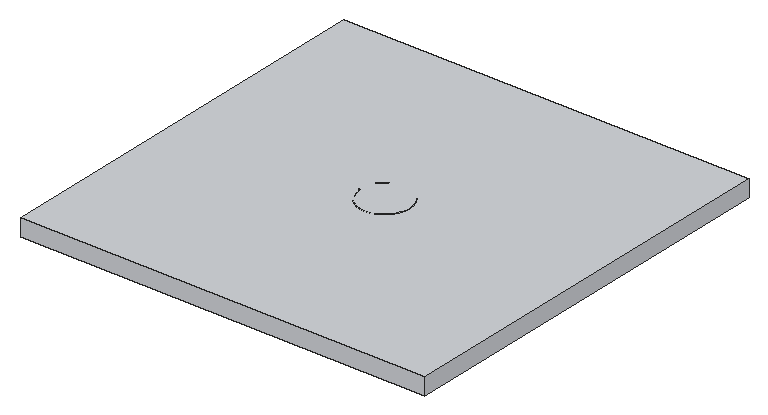
Revit family
Parameters (values of type "8"")
  WFU = 0
  URL = "WWW.MIFAB.COM"
  Top Assembly Diameter = 12.000"
  Pipe Radius = Pipe Diameter / 2  # 4.000"
  Pipe Diameter = 8.000"
  Model = "F1540"
  Manufacturer = "MIFAB"
  Floor Drain Material = Paint - Sherwin Williams Paint - #952C2A - Bellwood Red
  Description = "PARKING AREA DRAIN WITH 12\" ROUND HEAVY DUTY TRACTOR GRATE WITH\r\nDEEP SUMP AND HEAVY DUTY MEMBRANE COLLAR WITH SEEPAGE OPENINGS"
  Default Elevation = 0.000"
  Body Height = 8.000"
Types (7): name | Pipe Radius | Pipe Diameter | Body Height
  (no name) | 4.000" | 8.000" | 8.000"
  6" | 3.000" | 6.000" | 8.000"
  4" | 2.000" | 4.000" | 6.125"
  8" | 4.000" | 8.000" | 8.000"
  2" | 1.000" | 2.000" | 6.125"
  3" | 1.500" | 3.000" | 6.125"
  5" | 2.500" | 5.000" | 6.125"
Reference planes (in)
  plane 1 "Center (Front/Back)": y = 0
  plane 2: z = 0
  plane 3 "Center (Left/Right)": x = 0
  plane 4: x = -10
  plane 5: x = 10
  plane 6: x = -6
  plane 7: x = 6
  plane 8: z = -2
  plane 9: z = -10
  plane 10: x = 5.875
  plane 11: z = -8.5
  plane 12: x = -4
  plane 13: x = 4
  plane 14: x = 4.3
  plane 15: z = -1.75
  plane 16: z = -0.5
  plane 17: z = -2.25
Forms (in)
  Extrusion 1, solid
    sketch origin (0, 0, 0) x (1, 0, 0) y (0, 1, 0)
      loop
        line (-48, 48) -> (-48, -48) -> (48, -48) -> (48, 48) -> (-48, 48)
    from 0 to -3.99775
  Revolve 2, solid, material "Paint - Sherwin Williams Paint - #952C2A - Bellwood Red" <- "Floor Drain Material"
    sketch origin (0, 0, 0) x (1, 0, 0) y (0, 0, 1)
      loop
        line (0, 0) -> (0, -0.25) -> (5.7, -0.25) -> (5.7, -1.75) -> (4.935, -1.75) -> (4.935, -2.25) -> (4.64673, -8.2475) -> (4, -8.2475) -> (4, -10) -> (4.3, -10) -> (4.3, -8.5) -> (4.87968, -8.5) -> (5.18561, -2.25) -> (5.875, -2.25) -> (5.875, -2) -> (10, -2) -> (10, -1.75) -> (6, -1.75) -> (6, 0) -> (0, 0)
      axis (0, -10) -> (0, 0)
    angle from 0 to 360
Lines and regions (in)
  symbolic lines
    curve 1: circle (0, 0, 0) r 6 normal (0, 0, 1)
Dimensions and locks (in)
  equal spacing: plane 7, plane 3 "Center (Left/Right)", plane 6
  equal spacing: plane 5, plane 3 "Center (Left/Right)", plane 4
  locked: plane 5 to plane 4 at 20
  "Top Assembly Diameter": plane 6 to plane 7
  level to plane 8 = 2.000"
  "Body Height": plane 8 to plane 9
  locked: plane 11 to plane 9 at 1.5
  equal spacing: plane 13, plane 3 "Center (Left/Right)", plane 12
  "Pipe Diameter": plane 13 to plane 12
  locked: plane 13 to plane 14 at 0.3
  locked: level to plane 16 at 0.5
  plane 15 to plane 8 to plane 17 = 0.250" locked, 0.250" locked
  locked: Revolve 2 sketch curve to plane 11 at 0.2525
  locked: Revolve 2 sketch curve to plane 7 at 0.3
  Extrusion 1 to Revolve 2 sketch curve = 0.250"
  locked: plane 10 to plane 7 at 0.125
  aligned and locked: plane 2 to Extrusion 1
  aligned and locked: level to Extrusion 1
  aligned and locked: Revolve 2 sketch curve to plane 13
  aligned and locked: Revolve 2 sketch curve to plane 14
  aligned and locked: Revolve 2 sketch curve to plane 11
  aligned and locked: plane 8 to Revolve 2 sketch curve
  aligned and locked: Revolve 2 sketch curve to plane 15
  aligned and locked: plane 5 to Revolve 2 sketch curve
  aligned and locked: plane 7 to Revolve 2 sketch curve
  aligned and locked: Revolve 2 sketch curve to level
  aligned and locked: plane 10 to Revolve 2 sketch curve
  aligned and locked: Revolve 2 sketch curve to plane 17
  aligned and locked: Revolve 2 sketch curve to plane 9
  aligned and locked: plane 15 to Revolve 2 sketch curve
  aligned and locked: plane 3 "Center (Left/Right)" to Revolve 2 sketch curve
Automatic sketch dimensions
  Extrusion 1 sketch curve to Extrusion 1 sketch curve = 96.000"  (x2)
  Revolve 2 sketch curve to plane 3 "Center (Left/Right)" = 0.000"
  Revolve 2 sketch curve to plane 17 = 0.000"
  plane 10 to Revolve 2 sketch curve = 1.22827"
  Revolve 2 sketch curve to Revolve 2 sketch curve = 0.23295"
  Revolve 2 sketch curve to Revolve 2 sketch curve = 0.765"
  Revolve 2 sketch curve to Revolve 2 sketch curve = 0.25061"
  Revolve 2 sketch curve to Revolve 2 sketch curve = 2.750"
  Revolve 2 sketch curve to Revolve 2 sketch curve = 1.500"
  plane 1 "Center (Front/Back)" to curve 1 = 0.000"
  curve 1 to plane 3 "Center (Left/Right)" = 0.000"
  radius of curve 1 = 6.000"
Connectors (in)
  piping at (0, 0, -10), driven by "Pipe Radius", driven by "WFU"
    settings: on Revolve 2, index 1, connector radius 4", flow factor 0, pipe flow 0 GPM, pressure drop 0.00 psi, fitting loss kfactor 0, connector angle 0.00°, fixture units 0, flow configuration 3, flow direction 2, fitting loss method 0, system type 16, connector reference index -1, connector utility 0, adjustable connector no, is connector primary yes, fitting loss table "", connector description "Sanitary Out"
